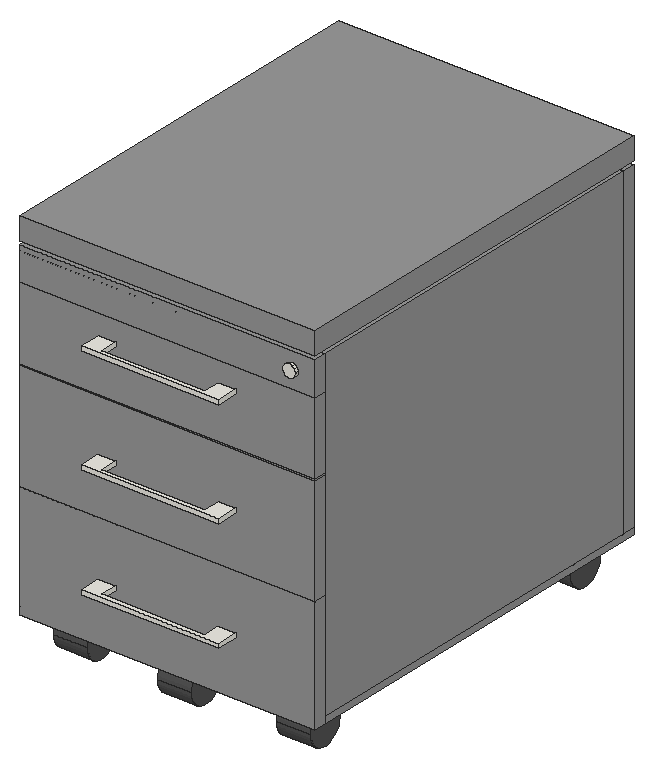
Revit family "Haworth_Epure_Pedestal_Mobile_EU_PRELIMINARY", category Furniture, Revit 2019
Family settings
  OmniClass Number = 23.40.70.14.64.11
  OmniClass Title = Office Furniture
  Work Plane-Based = No
  Always vertical = Yes
  Cut with Voids When Loaded = No
  Shared = No
  Room Calculation Point = No
Parameters (values of type "3 Drawers with Pen Tray")
  without Pull = not(with Pull)  # no
  with Pull = and(or(Handle 1, Handle 2, Metal Handle))  # yes
  Warranty = "http://www.haworth.com/resources/product-info/warranties"
  URL - Product = "https://www.haworth.com/eu/en/products/office-desks/epure-01.html"
  Type Comments = ""
  URL = "https://www.haworth.com/eu/en.html"
  Trim Finish = Haworth _ Paint _ Smooth Plaster
  Size = "Verify Final Dim.w/ Haworth"  # constant formula
  Simple Drawer = 32cm = no
  Simple Drawer = 32 cm  # constant formula
  Revision Number = "1"  # constant formula
  Pen Drawer = 5cm = yes
  Pen Drawer = 5 cm  # constant formula
  Pedestal Finish [instance] = Haworth _ Laminate _ Undecided _ Pedestal
  Model = "EUMP59FXXX"  # constant formula
  Metal Handle = yes
  Manufacturer = "Haworth"  # constant formula
  Handle 2 = no
  Handle 1 = no
  Glide Finish = Haworth _ Polymer _ Black
  Front Finish [instance] = Haworth _ Laminate _ Undecided _ Pedestal
  Filing Drawers = 16cm 3 Drawers = yes
  Filing Drawer Large = 17 cm  # constant formula
  Filing Drawer = 19cm = yes
  Filing Drawer = 16cm = no
  Filing Drawer = 13cm = yes
  Filing Drawer Medium = 16 cm  # constant formula
  Filing Drawer Small = 15 cm  # constant formula
  Description = "Haworth - Epure - Mobile Pedestal"  # constant formula
  Author = "Haworth (Abd Rahman)"  # constant formula
  Assembly Code = "E2020200"
  Actual Width = 43.6 cm  # constant formula
  Actual Height = 58.4 cm  # constant formula
  Actual Depth = 59 cm  # constant formula
Types (5, lengths in cm): name | without Pull | with Pull | Trim Finish | Simple Drawer = 32cm | Pen Drawer = 5cm | Metal Handle | Handle 2 | Handle 1 | Filing Drawers = 16cm 3 Drawers | Filing Drawer = 19cm | Filing Drawer = 16cm | Filing Drawer = 13cm
  2 Drawers without Pen Tray | no | yes | Haworth _ Paint _ Smooth Plaster | yes | no | no | yes | no | no | no | yes | no
  2 Drawers with Pen Tray | no | yes | Haworth _ Polymer _ Undecided | yes | no | no | no | yes | no | no | yes | no
  3 Drawers without Pen Tray | yes | no | Haworth _ Polymer _ Undecided | no | no | no | no | no | yes | yes | yes | no
  3 Drawers with Pen Tray | no | yes | Haworth _ Paint _ Smooth Plaster | no | yes | yes | no | no | yes | yes | no | yes
  2 Drawers with Pen Drawer | yes | no | Haworth _ Polymer _ Undecided | yes | yes | no | no | no | no | no | yes | no
Reference planes (cm)
  plane 1 "Center F/B": y = 17.4526
  plane 2: z = 0
  plane 3 "Center L/R": x = 11.43
  plane 4 "Top": z = 58.4
  plane 5 "Left": x = -10.37
  plane 6 "Right": x = 33.23
  plane 7 "Back": y = 46.9526
  plane 8 "Front": y = -12.0474
  plane 9: y = -10.1474
  plane 10: y = 45.0526
  plane 11: x = 31.33
  plane 12: x = -8.47
  plane 13: z = 6.5
  plane 14: y = 0.5526
  plane 15: y = -7.4453
  plane 16: z = 2.7019
  plane 17: x = 8.53
  plane 18: x = 13.53
  plane 19: z = 38.5
  plane 20: y = 11.5707
  plane 21: y = 30.5346
  plane 22: z = 52.1423
  plane 23: y = -12.4792
  plane 24: z = 55.1
  plane 25: z = 54.5935
  plane 26: z = 38.5
  plane 27: x = 29.8375
  plane 28: z = 49.5935
  plane 29: z = 38.8
  plane 30: z = 48.415
  plane 31: z = 22.5
  plane 32: z = 54.5935
  plane 33: y = 41.5393
  plane 34: y = -6.634
  plane 35: z = 2.7019
  plane 36: y = 41.5393
  plane 37: y = -6.634
  plane 38: z = 2.7019
  plane 39: z = 5.5
  plane 40: z = 52.1423
  plane 41: z = 46.3
  plane 42: z = 30.5467
  plane 43: z = 14
Forms (cm)
  Extrusion 1, solid, material "Haworth _ Laminate _ Undecided _ Pedestal" <- "Pedestal Finish"
    sketch origin (0, 0, 0) x (1, 0, 0) y (0, 1, 0)
      loop
        line (-10.37, 46.9526) -> (-10.37, 45.0526) -> (33.23, 45.0526) -> (33.23, 46.9526) -> (-10.37, 46.9526)
    from 6.5 to 54.5935
  Extrusion 2, solid, material "Haworth _ Laminate _ Undecided _ Pedestal" <- "Front Finish"
    sketch origin (0, 0, 0) x (1, 0, 0) y (0, 1, 0)
      loop
        line (-10.37, -10.1474) -> (-10.37, -12.0474) -> (33.23, -12.0474) -> (33.23, -10.1474) -> (-10.37, -10.1474)
    from 6.5 to 54.5935
  Extrusion 3, solid, material "Haworth _ Laminate _ Undecided _ Pedestal" <- "Pedestal Finish"
    sketch origin (0, 0, 0) x (1, 0, 0) y (0, 1, 0)
      loop
        line (-10.37, 45.0526) -> (-10.37, -10.1474) -> (33.23, -10.1474) -> (33.23, 45.0526) -> (-10.37, 45.0526)
    from 6.5 to 54.5935
  Extrusion 4, solid, material "Haworth _ Polymer _ Black" <- "Glide Finish"
    sketch origin (11.43, 0, 0) x (0, 1, 0) y (0, 0, 1)
      loop
        circle (-7.4453, 2.7019) r 2.7
    from -2.9 to 2.1
  Extrusion 5, solid, material "Haworth _ Paint _ Smooth Plaster" <- "Trim Finish"
    sketch origin (18.4075, -12.0474, -2.4912) x (-1, 0, 0) y (0, 0, 1)
      loop
        circle (-11.43, 54.6336) r 0.92
    from -0.4319 to 0
  Extrusion 6, solid, material "Haworth _ Laminate _ Undecided _ Pedestal" <- "Pedestal Finish"
    sketch origin (0, 0, 0) x (1, 0, 0) y (0, 1, 0)
      loop
        line (-10.37, 46.9526) -> (-10.37, -12.0474) -> (33.23, -12.0474) -> (33.23, 46.9526) -> (-10.37, 46.9526)
    from 55.1 to 58.4
  Extrusion 7, solid, material "Haworth _ Laminate _ Undecided _ Pedestal" <- "Front Finish", visible <- "Simple Drawer = 32cm"
    sketch origin (7, -12.0474, 0) x (-1, 0, 0) y (0, 0, 1)
      loop
        line (17.37, 38.5) -> (-26.23, 38.5) -> (-26.23, 6.5) -> (17.37, 6.5) -> (17.37, 38.5)
    from 0 to 1.9
  Extrusion 8, solid, material "Haworth _ Laminate _ Undecided _ Pedestal" <- "Front Finish", visible <- "Filing Drawer = 16cm"
    sketch origin (0, -12.0474, 0) x (-1, 0, 0) y (0, 0, 1)
      loop
        line (10.37, 54.5935) -> (-33.23, 54.5935) -> (-33.23, 38.5935) -> (10.37, 38.5935) -> (10.37, 54.5935)
    from 0 to 1.9
  Extrusion 9, solid, material "Haworth _ Laminate _ Undecided _ Pedestal" <- "Front Finish", visible <- "Filing Drawer = 13cm"
    sketch origin (-10, -12.0474, 20) x (-1, 0, 0) y (0, 0, 1)
      loop
        line (0.37, 33.8) -> (-43.23, 33.8) -> (-43.23, 18.8) -> (0.37, 18.8) -> (0.37, 33.8)
    from 0 to 1.9
  Extrusion 10, solid, material "Haworth _ Laminate _ Undecided _ Pedestal" <- "Front Finish", visible <- "Pen Drawer = 5cm"
    sketch origin (-6.5, -12.0474, 23.8379) x (-1, 0, 0) y (0, 0, 1)
      loop
        line (3.87, 30.7556) -> (-39.73, 30.7556) -> (-39.73, 25.7556) -> (3.87, 25.7556) -> (3.87, 30.7556)
    from 0 to 1.9
  Extrusion 11, solid, material "Haworth _ Laminate _ Undecided _ Pedestal" <- "Front Finish", visible <- "Filing Drawer = 19cm"
    sketch origin (26.9075, -12.0474, -2.4912) x (-1, 0, 0) y (0, 0, 1)
      loop
        line (37.2775, 24.9912) -> (-6.3225, 24.9912) -> (-6.3225, 7.9912) -> (37.2775, 7.9912) -> (37.2775, 24.9912)
    from 0 to 1.9
  Extrusion 12, solid, material "Haworth _ Laminate _ Undecided _ Pedestal" <- "Front Finish", visible <- "Filing Drawers = 16cm 3 Drawers"
    sketch origin (33.9075, -12.0474, 26.6023) x (-1, 0, 0) y (0, 0, 1)
      loop
        line (44.2775, 27.9912) -> (0.6775, 27.9912) -> (0.6775, 11.9912) -> (44.2775, 11.9912) -> (44.2775, 27.9912)
    from 0 to 1.9
  Extrusion 13, solid, material "Haworth _ Polymer _ Black" <- "Glide Finish"
    sketch origin (27.531, 48.9846, 0) x (0, 1, 0) y (0, 0, -1)
      loop
        circle (-7.4453, -2.7019) r 2.7
      loop
        circle (-55.6187, -2.7019) r 2.7
    from -2.9 to 2.1
  Extrusion 14, solid, material "Haworth _ Polymer _ Black" <- "Glide Finish"
    sketch origin (-4.671, 48.9846, 0) x (0, 1, 0) y (0, 0, 1)
      loop
        circle (-7.4453, 2.7019) r 2.7
      loop
        circle (-55.6187, 2.7019) r 2.7
    from -2.9 to 2.1
  Extrusion 15, solid, material "Haworth _ Laminate _ Undecided _ Pedestal" <- "Pedestal Finish"
    sketch origin (18.4075, -12.0474, -2.4912) x (-1, 0, 0) y (0, 0, 1)
      loop
        line (28.7775, 8.9912) -> (-14.8225, 8.9912) -> (-14.8225, 7.9912) -> (28.7775, 7.9912) -> (28.7775, 8.9912)
    from 1.9 to 59
Lines and regions (cm)
  Masking region 1
    outline origin (0, 0, 0) x (1, 0, 0) y (0, 1, 0)
      loop
        line (-10.37, 46.9526) -> (-10.37, -12.0474) -> (33.23, -12.0474) -> (33.23, 46.9526) -> (-10.37, 46.9526)
      loop
        line (-8.47, 45.0526) -> (-8.47, -10.1474) -> (31.33, -10.1474) -> (31.33, 45.0526) -> (-8.47, 45.0526)
Dimensions and locks (cm)
  equal spacing: plane 7 "Back", plane 1 "Center F/B", plane 8 "Front"
  "Actual Depth": plane 7 "Back" to plane 8 "Front"
  equal spacing: plane 5 "Left", plane 3 "Center L/R", plane 6 "Right"
  "Actual Width": plane 5 "Left" to plane 6 "Right"
  locked: plane 9 to plane 8 "Front" at 1.9
  plane 10 to plane 7 "Back" = 1.9 cm
  locked: plane 11 to plane 6 "Right" at 1.9
  locked: plane 5 "Left" to plane 12 at 1.9
  locked: plane 9 to plane 14 at 10.7
  locked: plane 8 "Front" to plane 15 at 4.602
  locked: plane 2 to plane 16 at 2.7019
  plane 18 to plane 3 "Center L/R" to plane 17 = 2.1 cm locked, 2.9 cm locked
  locked: plane 7 "Back" to plane 21 at 16.418
  locked: plane 8 "Front" to plane 20 at 23.6181
  plane 4 "Top" to plane 22 = 6.2577 cm
  locked: plane 23 to plane 8 "Front" at 0.4319
  locked: plane 13 to plane 2 at 6.5
  "Actual Height": plane 4 "Top" to plane 2
  locked: plane 4 "Top" to plane 24 at 3.3
  "Simple Drawer": plane 26 to plane 13
  "Filing Drawer Medium": Extrusion 2 to Extrusion 8 sketch curve
  "Pen Drawer": Extrusion 10 sketch curve to Extrusion 10 sketch curve
  locked: plane 4 "Top" to plane 22 at 6.2577
  locked: plane 27 to plane 6 "Right" at 3.3925
  "Simple Drawer": plane 19 to plane 13
  "Pen Drawer": plane 25 to plane 28
  plane 29 to plane 19 = 0.3 cm
  "Filing Drawer Small": Extrusion 9 sketch curve to Extrusion 9 sketch curve
  locked: plane 33 to plane 7 "Back" at 5.4133
  locked: plane 8 "Front" to plane 34 at 5.4133
  locked: plane 2 to plane 35 at 2.7019
  locked: plane 2 to plane 38 at 2.7019
  locked: plane 36 to plane 7 "Back" at 5.4133
  locked: plane 8 "Front" to plane 37 at 5.4133
  "Filing Drawer Large": plane 31 to plane 39
  plane 39 to plane 43 to plane 42 to plane 41 to plane 40 = 8.5 cm locked, 16.5467 cm locked, 15.7533 cm locked, 5.8423 cm locked
  aligned and locked: Extrusion 1 sketch curve to plane 10
  aligned and locked: Extrusion 1 sketch curve to plane 6 "Right"
  aligned and locked: Extrusion 1 sketch curve to plane 7 "Back"
  aligned and locked: plane 5 "Left" to Extrusion 1 sketch curve
  aligned and locked: plane 8 "Front" to Extrusion 2 sketch curve
  aligned and locked: Extrusion 2 sketch curve to plane 9
  aligned and locked: Extrusion 2 sketch curve to plane 6 "Right"
  aligned and locked: plane 5 "Left" to Extrusion 2 sketch curve
  aligned and locked: plane 13 to Extrusion 1
  aligned and locked: plane 13 to Extrusion 2
  aligned and locked: plane 10 to Extrusion 3 sketch curve
  aligned and locked: plane 9 to Extrusion 3 sketch curve
  aligned and locked: plane 15 to Extrusion 4 sketch curve
  aligned and locked: plane 16 to Extrusion 4 sketch curve
  aligned and locked: Extrusion 4 to plane 17
  aligned and locked: plane 18 to Extrusion 4
  aligned and locked: plane 22 to Extrusion 5 sketch curve
  aligned and locked: plane 8 "Front" to Extrusion 5
  aligned and locked: plane 23 to Extrusion 5
  aligned and locked: Masking region 1 sketch curve to plane 6 "Right"
  aligned and locked: Masking region 1 sketch curve to plane 7 "Back"
  aligned and locked: plane 5 "Left" to Masking region 1 sketch curve
  aligned and locked: plane 8 "Front" to Masking region 1 sketch curve
  aligned and locked: Masking region 1 sketch curve to plane 11
  aligned and locked: plane 9 to Masking region 1 sketch curve
  aligned and locked: Masking region 1 sketch curve to plane 12
  aligned and locked: plane 10 to Masking region 1 sketch curve
  aligned and locked: plane 25 to Extrusion 3
  aligned and locked: plane 13 to Extrusion 3
  aligned and locked: plane 25 to Extrusion 2
  aligned and locked: plane 25 to Extrusion 1
  aligned and locked: Extrusion 3 sketch curve to plane 6 "Right"
  aligned and locked: plane 5 "Left" to Extrusion 3 sketch curve
  aligned and locked: Extrusion 6 sketch curve to plane 6 "Right"
  aligned and locked: Extrusion 6 sketch curve to plane 7 "Back"
  aligned and locked: plane 5 "Left" to Extrusion 6 sketch curve
  aligned and locked: plane 8 "Front" to Extrusion 6 sketch curve
  aligned and locked: Extrusion 6 to plane 24
  aligned and locked: plane 4 "Top" to Extrusion 6
  aligned and locked: Extrusion 8 sketch curve to plane 25
  aligned and locked: plane 25 to Extrusion 10
  aligned and locked: plane 9 to Extrusion 10
  aligned and locked: plane 9 to Extrusion 8
  aligned and locked: plane 9 to Extrusion 7
  aligned and locked: plane 9 to Extrusion 9
  aligned and locked: plane 27 to Extrusion 5 sketch curve
  aligned and locked: plane 29 to Extrusion 9 sketch curve
  aligned and locked: plane 9 to Extrusion 11
  aligned and locked: plane 33 to Extrusion 13 sketch curve
  aligned and locked: Extrusion 13 sketch curve to plane 34
  aligned and locked: plane 35 to Extrusion 13 sketch curve  (x2)
  aligned and locked: plane 36 to Extrusion 14 sketch curve
  aligned and locked: Extrusion 14 sketch curve to plane 37
  aligned and locked: Extrusion 14 sketch curve to plane 38  (x2)
  aligned and locked: Extrusion 15 sketch curve to plane 39
  aligned and locked: Extrusion 15 sketch curve to plane 6 "Right"
  aligned and locked: plane 13 to Extrusion 15 sketch curve
  aligned and locked: plane 5 "Left" to Extrusion 15 sketch curve
  aligned and locked: plane 7 "Back" to Extrusion 15
  aligned and locked: Extrusion 15 to plane 9
  aligned and locked: Extrusion 11 sketch curve to plane 39
  aligned and locked: plane 3 "Center L/R" to nested 1
  aligned and locked: nested 1 to plane 8 "Front"
  aligned and locked: plane 3 "Center L/R" to nested 6
  aligned and locked: plane 3 "Center L/R" to nested 5
  aligned and locked: plane 3 "Center L/R" to nested 3
  aligned and locked: plane 3 "Center L/R" to nested 4
  aligned and locked: plane 3 "Center L/R" to nested 2
  aligned and locked: nested 6 to plane 8 "Front"
  aligned and locked: nested 5 to plane 8 "Front"
  aligned and locked: nested 3 to plane 8 "Front"
  aligned and locked: nested 1 to plane 43
  aligned and locked: nested 4 to plane 42
  aligned and locked: nested 2 to plane 42
  aligned and locked: nested 6 to plane 41
  aligned and locked: nested 5 to plane 41
  aligned and locked: nested 3 to plane 41
  aligned and locked: plane 6 "Right" to Extrusion 11
  aligned and locked: Extrusion 11 to plane 5 "Left"
  aligned and locked: plane 6 "Right" to Extrusion 12
  aligned and locked: Extrusion 12 to plane 5 "Left"
  aligned and locked: plane 6 "Right" to Extrusion 9
  aligned and locked: plane 6 "Right" to Extrusion 10
  aligned and locked: Extrusion 10 to plane 5 "Left"
  aligned and locked: Extrusion 7 to plane 5 "Left"
  aligned and locked: plane 6 "Right" to Extrusion 7
  aligned and locked: Extrusion 9 to plane 5 "Left"
Automatic sketch dimensions
  plane 6 "Right" to Extrusion 12 sketch curve = 0 cm
  plane 5 "Left" to Extrusion 12 sketch curve = 0 cm
  Extrusion 12 sketch curve to plane 25 = 0 cm
  plane 19 to Extrusion 12 sketch curve = 0.0935 cm
  Extrusion 7 sketch curve to plane 6 "Right" = 0 cm
  Extrusion 7 sketch curve to plane 5 "Left" = 0 cm
  Extrusion 7 sketch curve to plane 13 = 0 cm
  Extrusion 7 sketch curve to plane 19 = 0 cm
  Extrusion 8 sketch curve to plane 6 "Right" = 0 cm
  Extrusion 8 sketch curve to plane 5 "Left" = 0 cm
  Extrusion 9 sketch curve to plane 6 "Right" = 0 cm
  Extrusion 9 sketch curve to plane 5 "Left" = 0 cm
  Extrusion 10 sketch curve to plane 6 "Right" = 0 cm
  Extrusion 10 sketch curve to plane 5 "Left" = 0 cm
  Extrusion 10 sketch curve to plane 28 = 0 cm
  Extrusion 11 sketch curve to plane 6 "Right" = 0 cm
  Extrusion 11 sketch curve to plane 5 "Left" = 0 cm
  Extrusion 11 sketch curve to plane 31 = 0 cm
  radius of Extrusion 4 sketch curve = 2.7 cm
  radius of Extrusion 5 sketch curve = 0.92 cm
  radius of Extrusion 13 sketch curve = 2.7 cm  (x2)
  radius of Extrusion 14 sketch curve = 2.7 cm  (x2)
Nested families (cm)
  nested 1: "Haworth_Epure_Storage_Drawer-Pulls" at (11.43, -12.0474, 14), visible <- "Filing Drawer = 19cm", type "Pull"
    with Handle 2 no, Handle 1 no
  nested 2: "Haworth_Epure_Storage_Drawer-Pulls" at (11.43, -12.0474, 30.5467), visible <- "Filing Drawers = 16cm 3 Drawers", type "Pull"
    with Handle 2 no, Handle 1 no
  nested 3: "Haworth_Epure_Storage_Drawer-Pulls" at (11.43, -12.0474, 46.3), visible <- "Filing Drawer = 19cm", type "Pull"
    with Handle 2 no, Handle 1 no
  nested 4: "Haworth_Epure_Storage_Drawer-Pulls" at (11.43, -12.0474, 30.5467), visible <- "Simple Drawer = 32cm", type "Pull"
    with Handle 2 no, Handle 1 no
  nested 5: "Haworth_Epure_Storage_Drawer-Pulls" at (11.43, -12.0474, 46.3), visible <- "Filing Drawer = 13cm", type "Pull"
    with Handle 2 no, Handle 1 no
  nested 6: "Haworth_Epure_Storage_Drawer-Pulls" at (11.43, -12.0474, 46.3), visible <- "Filing Drawer = 16cm", type "Pull"
    with Handle 2 no, Handle 1 no
Definition of nested family "Haworth_Epure_Storage_Drawer-Pulls"
  Parameters (values of type "Pull")
    Metal = yes
    Handle Finish = none
    Handle 2 = yes
    Handle 1 = yes
    Assembly Code = ""
  Reference planes (cm)
    plane 1 "Center Front/Back": y = 0
    plane 2: z = 0
    plane 3 "Center Left/Right": x = 0
    plane 4: x = -13
    plane 5: x = 13
  Forms (cm)
    Extrusion 1, solid, material <- "Handle Finish", visible <- "Metal"
      sketch origin (0, 0, 0.3175) x (1, 0, 0) y (0, 1, 0)
        loop
          line (-10.16, 0) -> (-10.16, -3.175) -> (10.16, -3.175) -> (10.16, 0) -> (7.62, 0) -> (7.62, -2.54) -> (-7.62, -2.54) -> (-7.62, 0) -> (-10.16, 0)
      from 0 to -0.635
    Extrusion 2, solid, material <- "Handle Finish", visible <- "Handle 2"
      sketch origin (249.8674, 48.2327, -47.4662) x (0, 1, 0) y (0, 0, 1)
        loop
          line (-48.2327, 48.4836) -> (-50.2327, 48.4836) -> (-50.2327, 46.4836) -> (-49.8327, 46.4836) -> (-49.8327, 47.4836) -> (-48.2327, 47.4836) -> (-48.2327, 48.4836)
      from -256.9674 to -242.7674
    Extrusion 3, solid, material <- "Handle Finish", visible <- "Handle 1"
      sketch origin (-80.1326, 48.2327, -18.6172) x (1, 0, 0) y (0, 1, 0)
        loop
          line (72.9326, -50.7327) -> (87.3326, -50.7327)
          arc (87.3326, -50.7327) -> (87.6861, -50.5862) -> (87.8326, -50.2327) r 0.5
          line (87.8326, -50.2327) -> (87.8326, -48.7327)
          arc (87.8326, -48.7327) -> (87.6861, -48.3791) -> (87.3326, -48.2327) r 0.5
          line (87.3326, -48.2327) -> (72.9326, -48.2327)
          arc (72.9326, -48.2327) -> (72.579, -48.3791) -> (72.4326, -48.7327) r 0.5
          line (72.4326, -48.7327) -> (72.4326, -50.2327)
          arc (72.4326, -50.2327) -> (72.579, -50.5862) -> (72.9326, -50.7327) r 0.5
      from 18.1935 to 19.0935
